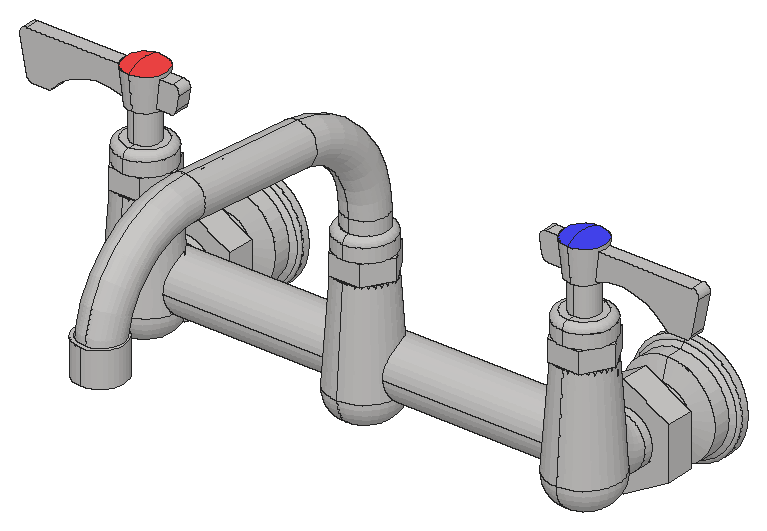
Revit family "Krowne_14-806L_WallMount_Faucet", category Plumbing Fixtures, Revit 2018
Family settings
  Round Connector Dimension = Use Diameter
  Part Type = Normal
  OmniClass Number = 23.40.40.00
  OmniClass Title = Food Service Equipment and Furnishings
  Work Plane-Based = No
  Always vertical = Yes
  Cut with Voids When Loaded = No
  Shared = No
  Room Calculation Point = No
Parameters (values of type "DefaultType")
  Width = 12"
  Weight in Pounds = 5
  Watermarked By = ""
  Waste Water Discharge Temperature [instance] = -459.67 °F
  URL Cutsheet = ""
  URL = "https://krowne.com/"
  Status [instance] = ""
  Specification by User [instance] = ""
  Specification by Manufacturer [instance] = ""
  Serial Number [instance] = ""
  Revision Code [instance] = ""
  Plumbing Remarks [instance] = ""
  Plumbing Connection Type = ""
  NAFEM Spec ID Number [instance] = ""
  Model = "14-806L"
  Masterspec [instance] = ""
  Manufacturer = "Krowne Metal"
  KCLRef = "KCL2C9,,0004c577-0000-0000-0000-000000000307,KR,14-806L ,637099800800000000,571d892f-8832-4ffb-b5a8-7fa4e1791547,5f9e4b87-af43-4152-9f98-723389c75a14"
  KCL SpecSheet URL = "http://kclweb.kclcad.com/imagehandler.ashx?kdoc=14-8xx&R=KR&M=14-806L%20&VC=7&TID=KCLWeb&T=doc"
  Item Number [instance] = "-"
  Installed By [instance] = ""
  Hot Water Temperature = 100 °F
  Hot Water Size = 1/2"
  Hot Water RI Height [instance] = 0"
  Hot Water Minimum Pressure = 0.00 psi
  Hot Water Maximum Pressure = 0.00 psi
  Hot Water Flow = 1.8 GPM
  Hot Water Consumption = 0 GPM
  Hot Water Connection Height = 0"
  Height = 3 15/16"
  Furnished By [instance] = ""
  Foodservice Equipment Identifier = yes
  Description = "Wall Mount Faucet"
  Depth = 1 7/8"
  Cold Water Temperature Recommended = -459.67 °F
  Cold Water Size = 1/2"
  Cold Water RI Height [instance] = 0"
  Cold Water Minimum Pressure = 0.00 psi
  Cold Water Maximum Pressure = 0.00 psi
  Cold Water Flow = 1.8 GPM
  Cold Water Consumption = ""
  Cold Water Connection Height = 0"
  CSI MasterFormat = ""
  Assembly Code = "E1090300"
Reference planes
  plane 1 "BACK": y = 0
  plane 2: z = 0
  plane 3 "LEFT": x = -471.569
  plane 4 "RIGHT": x = -166.769
  plane 5 "TOP": z = 100.013
  plane 6 "CENTER L/R": x = -319.169
  plane 7 "Top of Body": z = 44.45
  plane 8: y = -62.38
  plane 9: z = 166.688
  plane 10: z = 104.775
  plane 11: y = -215.9
Forms (mm)
  Sweep 1, solid, material "QF_Stainless-Polished"
    path origin (-319.169, 0, 0) x (0, 1, 0) y (0, 0, 1)
      loop
        line (-62.38, 44.45) -> (-62.38, 106.103)
        arc (-62.38, 106.103) -> (-73.898, 135.957) -> (-102.483, 150.339) r 44.45
        line (-102.483, 150.339) -> (-167.103, 156.689)
        arc (-167.103, 156.689) -> (-201.304, 145.384) -> (-215.9, 112.453) r 44.45
        line (-215.9, 112.453) -> (-215.9, 104.775)
    profile origin (-319.169, -62.38, 75.276) x (0, -1, 0) y (1, 0, 0)
      loop
        circle (0, 0) r 9.525
      loop
        circle (0, 0) r 6.35
  Extrusion 2, solid, material "QF_Stainless-Polished"
    sketch origin (-319.169, -215.9, 104.775) x (0, -1, 0) y (-1, 0, 0)
      loop
        circle (0, 0) r 9.525
      loop
        circle (0, 0) r 11.113
    from 0 to -15.875
Lines and regions (mm)
  symbolic lines
    curve 1: arc (-319.169, -71.905, 0) -> (-328.694, -62.38, 0) -> (-319.169, -52.855, 0) r 9.525
    curve 2: arc (-319.169, -52.855, 0) -> (-309.644, -62.38, 0) -> (-319.169, -71.905, 0) r 9.525
    curve 3: arc (-328.694, -215.9, 0) -> (-325.905, -222.635, 0) -> (-319.169, -225.425, 0) r 9.525
    curve 4: arc (-319.169, -225.425, 0) -> (-312.434, -222.635, 0) -> (-309.644, -215.9, 0) r 9.525
    curve 5: line (-328.694, -215.9, 0) -> (-328.694, -62.38, 0)
    curve 6: line (-309.644, -62.38, 0) -> (-309.644, -215.9, 0)
Dimensions and locks
  "Width": plane 3 "LEFT" to plane 4 "RIGHT"
  "Height": plane 5 "TOP" to plane 2
  plane 7 "Top of Body" to level = 1 3/4"
  equal spacing: plane 3 "LEFT", plane 6 "CENTER L/R", plane 4 "RIGHT"
  plane 11 to plane 1 "BACK" = 8 1/2"
  plane 10 to plane 5 "TOP" = 3/16"
  plane 9 to plane 5 "TOP" = 2 5/8"
  aligned and locked: level to plane 2
  aligned and locked: plane 8 to Sweep 1 sketch curve
  aligned and locked: Sweep 1 sketch curve to plane 11
  aligned and locked: plane 10 to Sweep 1 sketch curve
Automatic sketch dimensions
  curve 3 to curve 4 = 0"
  plane 11 to curve 5 = 0"
  plane 8 to curve 5 = 0"
  curve 1 to plane 6 "CENTER L/R" = 0"
  plane 8 to curve 6 = 0"
  plane 8 to curve 1 = 0"
  curve 5 to curve 3 = 3/8"
  Sweep 1 sketch curve to Sweep 1 sketch curve = 0"  (x2)
  Sweep 1 sketch curve to plane 6 "CENTER L/R" = 0"
  Sweep 1 sketch curve to profile plane = 0"
  Sweep 1 sketch curve to plane 7 "Top of Body" = 0"
  plane 10 to Sweep 1 sketch curve = 0.30226"
  plane 10 to Sweep 1 sketch curve = 0.05226"
  Sweep 1 sketch curve to Sweep 1 sketch curve = 1 3/4"
  Sweep 1 sketch curve to plane 9 = 0.64362"
  Sweep 1 sketch curve to plane 9 = 0.39362"
  Sweep 1 sketch curve to Sweep 1 sketch curve = 0.17114"
  radius of Extrusion 2 sketch curve to Sweep 1 = 0"
  radius of Sweep 1 to Extrusion 2 sketch curve = 1/16"
  radius of Sweep 1 sketch curve = 3/8"
  radius of Sweep 1 sketch curve = 1/4"
Nested families
  nested 1: "QF_Krowne_14-8_Body" at (-4.763, 0, 0), type "QF_Krowne_14-8_Body"
Connectors
  piping at (-420.769, 6.35, 37.306), diameter 12.7, driven by "Hot Water Flow", driven by "Hot Water Size"
    settings: on nested 1, index 1, connector inside diameter 24", connector length 0", flow factor 0, pipe flow 1.8 GPM, pressure drop 0.00 psi, fitting loss kfactor 0, connector angle 0.00°, fixture units 0, engagement length 0", angle of deflection 0.00°, flow configuration 1, flow direction 1, fitting loss method 0, system type 19, joint type 0, gender type 0, connector reference index -1, connector utility 0, adjustable connector no, is connector primary yes, connector description "HOT WATER"
  piping at (-217.569, 6.35, 37.306), diameter 12.7, driven by "Cold Water Flow", driven by "Cold Water Size"
    settings: on nested 1, index 2, connector inside diameter 24", connector length 0", flow factor 0, pipe flow 1.8 GPM, pressure drop 0.00 psi, fitting loss kfactor 0, connector angle 0.00°, fixture units 0, engagement length 0", angle of deflection 0.00°, flow configuration 1, flow direction 1, fitting loss method 0, system type 20, joint type 0, gender type 0, connector reference index -1, connector utility 0, adjustable connector no, is connector primary no, connector description "COLD WATER"
Definition of nested family "QF_Krowne_14-8_Body"
  Parameters (values of type "QF_Krowne_14-8_Body")
    Width = 12 3/8"
    Watermarked By = ""
    Height = 3 7/8"
    Description = ""
    Depth = 4 15/16"
  Reference planes
    plane 1 "BACK": y = 0
    plane 2: z = 0
    plane 3 "LEFT": x = -471.569
    plane 4 "RIGHT": x = -157.244
    plane 5 "TOP": z = 128.588
    plane 6 "Center": x = -314.407
    plane 7 "Left of Handle": x = -416.007
    plane 8 "Right of Handle": x = -212.807
    plane 9 "Center of Handles": y = -125.412
    plane 10 "Top of Body": z = 74.612
    plane 11: x = -444.582
    plane 12: x = -184.232
    plane 13 "Faucet Handle Center": y = -62.706
    plane 14: y = -59.531
    plane 15: y = -65.881
    plane 16: z = 37.306
  Forms (mm)
    Extrusion 1, solid
      sketch origin (0, 0, 80.962) x (0, 1, 0) y (-1, 0, 0)
        loop
          line (-62.38, 401.719) -> (-50.006, 408.863) -> (-50.006, 423.151) -> (-62.38, 430.294) -> (-74.753, 423.151) -> (-74.753, 408.863) -> (-62.38, 401.719)
        loop
          line (-62.38, 198.519) -> (-50.006, 205.663) -> (-50.006, 219.951) -> (-62.38, 227.094) -> (-74.753, 219.951) -> (-74.753, 205.663) -> (-62.38, 198.519)
        loop
          line (-62.38, 300.119) -> (-50.006, 307.263) -> (-50.006, 321.551) -> (-62.38, 328.694) -> (-74.753, 321.551) -> (-74.753, 307.263) -> (-62.38, 300.119)
      from 0 to 9.525
    Revolve 2, solid
      sketch origin (-416.007, 0, 0) x (0, 1, 0) y (0, 0, 1)
        loop
          line (-62.706, 90.488) -> (-50.006, 90.488) -> (-50.006, 96.838)
          arc (-50.006, 96.838) -> (-50.936, 99.083) -> (-53.181, 100.013) r 3.175
          line (-53.181, 100.013) -> (-62.706, 100.013) -> (-62.706, 90.488)
        axis (-62.706, 90.488) -> (-62.706, 100.013)
      angle from 0 to 360
    Revolve 3, solid
      sketch origin (-212.807, 0, 0) x (0, 1, 0) y (0, 0, 1)
        loop
          line (-62.706, 100.012) -> (-56.356, 100.012) -> (-56.356, 114.3) -> (-62.706, 114.3) -> (-62.706, 100.012)
        axis (-62.706, 100.012) -> (-62.706, 114.3)
      angle from 0 to 360
    Revolve 4, solid
      sketch origin (-416.007, 0, 0) x (0, 1, 0) y (0, 0, 1)
        loop
          line (-62.706, 100.013) -> (-56.356, 100.013) -> (-56.356, 114.3) -> (-62.706, 114.3) -> (-62.706, 100.013)
        axis (-62.706, 100.013) -> (-62.706, 114.3)
      angle from 0 to 360
    Revolve 5, solid
      sketch origin (-416.007, 0, 0) x (0, 1, 0) y (0, 0, 1)
        loop
          line (-62.706, 114.3) -> (-54.769, 114.3) -> (-53.181, 130.175) -> (-62.706, 130.175) -> (-62.706, 114.3)
        axis (-62.706, 114.3) -> (-62.706, 130.175)
      angle from 0 to 360
    Revolve 6, solid
      sketch origin (-212.807, 0, 0) x (0, 1, 0) y (0, 0, 1)
        loop
          line (-62.706, 114.3) -> (-54.769, 114.3) -> (-53.181, 130.175) -> (-62.706, 130.175) -> (-62.706, 114.3)
        axis (-62.706, 114.3) -> (-62.706, 130.175)
      angle from 0 to 360
    Revolve 7, solid
      sketch origin (-416.007, 0, 0) x (0, 1, 0) y (0, 0, 1)
        loop
          line (-62.706, 130.175) -> (-53.181, 130.175)
          arc (-53.181, 130.175) -> (-57.646, 132.655) -> (-62.706, 133.35) r 13.869
          line (-62.706, 133.35) -> (-62.706, 130.175)
        axis (-62.706, 130.175) -> (-62.706, 133.35)
      angle from 0 to 360
    Revolve 8, solid
      sketch origin (-212.807, 0, 0) x (0, 1, 0) y (0, 0, 1)
        loop
          line (-62.706, 130.175) -> (-53.181, 130.175)
          arc (-53.181, 130.175) -> (-57.646, 132.655) -> (-62.706, 133.35) r 13.869
          line (-62.706, 133.35) -> (-62.706, 130.175)
        axis (-62.706, 130.175) -> (-62.706, 133.35)
      angle from 0 to 360
    Extrusion 9, solid
      sketch origin (0, -62.706, 0) x (1, 0, 0) y (0, 0, 1)
        loop
          arc (-468.332, 128.588) -> (-470.787, 127.425) -> (-471.445, 124.79) r 3.175
          line (-471.445, 124.79) -> (-468.27, 108.916)
          arc (-468.27, 108.916) -> (-467.17, 107.083) -> (-465.157, 106.364) r 3.175
          line (-465.157, 106.364) -> (-458.81, 106.364)
          arc (-458.81, 106.364) -> (-457.469, 106.66) -> (-456.379, 107.496) r 3.175
          arc (-456.379, 107.496) -> (-441.832, 116.771) -> (-424.594, 116.065) r 28.792
          arc (-424.594, 116.065) -> (-424.065, 115.925) -> (-423.52, 115.878) r 3.175
          line (-423.52, 115.878) -> (-402.102, 115.878)
          arc (-402.102, 115.878) -> (-400.089, 116.597) -> (-398.988, 118.43) r 3.175
          line (-398.988, 118.43) -> (-397.716, 124.79)
          arc (-397.716, 124.79) -> (-398.374, 127.425) -> (-400.83, 128.588) r 3.175
          line (-400.83, 128.588) -> (-468.332, 128.588)
        loop
          line (-160.482, 128.588) -> (-227.984, 128.588)
          arc (-227.984, 128.588) -> (-230.439, 127.425) -> (-231.097, 124.79) r 3.175
          line (-231.097, 124.79) -> (-229.826, 118.43)
          arc (-229.826, 118.43) -> (-228.725, 116.597) -> (-226.712, 115.878) r 3.175
          line (-226.712, 115.878) -> (-205.294, 115.878)
          arc (-205.294, 115.878) -> (-204.749, 115.925) -> (-204.22, 116.065) r 3.175
          arc (-204.22, 116.065) -> (-186.982, 116.771) -> (-172.435, 107.496) r 28.792
          arc (-172.435, 107.496) -> (-171.345, 106.66) -> (-170.004, 106.364) r 3.175
          line (-170.004, 106.364) -> (-163.657, 106.364)
          arc (-163.657, 106.364) -> (-161.644, 107.083) -> (-160.544, 108.916) r 3.175
          line (-160.544, 108.916) -> (-157.369, 124.79)
          arc (-157.369, 124.79) -> (-158.027, 127.425) -> (-160.482, 128.588) r 3.175
      from -3.175 to 3.175
    Extrusion 10, solid
      sketch origin (0, 0, 0) x (1, 0, 0) y (0, 0, 1)
        loop
          circle (-416.007, 37.306) r 6.35
        loop
          circle (-212.807, 37.306) r 6.35
      from 0 to -6.35
    Revolve 11, solid
      sketch origin (-212.807, 0, 0) x (0, 1, 0) y (0, 0, 1)
        loop
          line (-62.706, 90.488) -> (-50.006, 90.488) -> (-50.006, 96.838)
          arc (-50.006, 96.838) -> (-50.936, 99.083) -> (-53.181, 100.013) r 3.175
          line (-53.181, 100.013) -> (-62.706, 100.013) -> (-62.706, 90.488)
        axis (-62.706, 90.488) -> (-62.706, 100.013)
      angle from 0 to 360
    Revolve 12, solid
      sketch origin (-416.007, 0, 0) x (0, 1, 0) y (0, 0, 1)
        loop
          line (0, 37.306) -> (0, 62.706) -> (-3.175, 62.706)
          arc (-3.175, 62.706) -> (-4.298, 62.241) -> (-4.762, 61.119) r 1.588
          line (-4.762, 61.119) -> (-6.75, 59.131) -> (-14.287, 59.131) -> (-17.462, 50.006) -> (-26.987, 50.006) -> (-26.988, 37.306) -> (0, 37.306)
        axis (0, 37.306) -> (-26.988, 37.306)
      angle from 0 to 360
    Revolve 13, solid
      sketch origin (-212.807, 0, 0) x (0, 1, 0) y (0, 0, 1)
        loop
          line (0, 37.306) -> (0, 62.706) -> (-3.175, 62.706)
          arc (-3.175, 62.706) -> (-4.298, 62.241) -> (-4.762, 61.119) r 1.588
          line (-4.762, 61.119) -> (-6.75, 59.131) -> (-14.287, 59.131) -> (-17.462, 50.006) -> (-26.987, 50.006) -> (-26.988, 37.306) -> (0, 37.306)
        axis (0, 37.306) -> (-26.988, 37.306)
      angle from 0 to 360
    Extrusion 14, solid
      sketch origin (-416.007, -26.988, 37.306) x (0, 0, 1) y (-1, 0, 0)
        loop
          line (11.915, -20.638) -> (23.83, 0) -> (11.915, 20.637) -> (-11.915, 20.637) -> (-23.83, 0) -> (-11.915, -20.637) -> (11.915, -20.638)
        loop
          line (11.915, -223.837) -> (23.83, -203.2) -> (11.915, -182.562) -> (-11.915, -182.562) -> (-23.83, -203.2) -> (-11.915, -223.837) -> (11.915, -223.837)
      from 0 to 12.7
    Sweep 15, solid
      path origin (-416.007, 0, 0) x (0, 1, 0) y (0, 0, 1)
        loop
          line (-26.988, 37.306) -> (-43.656, 37.306)
          arc (-43.656, 37.306) -> (-57.127, 42.886) -> (-62.706, 56.356) r 19.05
          line (-62.706, 56.356) -> (-62.706, 80.962)
      profile origin (-416.007, -35.322, 37.306) x (0, 0, -1) y (1, 0, 0)
        loop
          circle (0, 0) r 12.7
    Sweep 16, solid
      path origin (-212.807, 0, 0) x (0, 1, 0) y (0, 0, 1)
        loop
          line (-26.988, 37.306) -> (-43.656, 37.306)
          arc (-43.656, 37.306) -> (-57.127, 42.886) -> (-62.706, 56.356) r 19.05
          line (-62.706, 56.356) -> (-62.706, 80.962)
      profile origin (-212.807, -35.322, 37.306) x (0, 0, -1) y (1, 0, 0)
        loop
          circle (0, 0) r 12.7
    Extrusion 17, solid
      sketch origin (-416.007, 0, 0) x (0, 1, 0) y (0, 0, 1)
        loop
          circle (-57.127, 42.886) r 12.7
      from 0 to 203.2
    Sweep 18, solid
      path origin (-314.407, 0, 0) x (0, 1, 0) y (0, 0, 1)
        loop
          arc (-56.044, 41.884) -> (-60.961, 48.39) -> (-62.706, 56.356) r 19.05
          line (-62.706, 56.356) -> (-62.706, 80.962)
      profile origin (-314.407, -62.706, 68.659) x (0, -1, 0) y (1, 0, 0)
        loop
          circle (0, 0) r 12.7
    Revolve 19, solid
      sketch origin (-314.407, 0, 0) x (0, 1, 0) y (0, 0, 1)
        loop
          line (-62.706, 90.488) -> (-50.006, 90.488) -> (-50.006, 96.838)
          arc (-50.006, 96.838) -> (-50.936, 99.083) -> (-53.181, 100.013) r 3.175
          line (-53.181, 100.013) -> (-62.706, 100.013) -> (-62.706, 90.488)
        axis (-62.706, 90.488) -> (-62.706, 100.013)
      angle from 0 to 360
    Revolve 20, solid
      sketch origin (-416.007, 0, 0) x (0, 1, 0) y (0, 0, 1)
        loop
          line (-50.006, 80.962) -> (-62.706, 80.962) -> (-62.706, 20.044) -> (-59.365, 20.044)
          arc (-59.365, 20.044) -> (-50.077, 24.083) -> (-46.696, 33.63) r 12.7
          line (-46.696, 33.63) -> (-50.006, 80.962)
        axis (-62.706, 20.044) -> (-62.706, 80.962)
      angle from 0 to 360
    Revolve 21, solid
      sketch origin (-212.807, 0, 0) x (0, 1, 0) y (0, 0, 1)
        loop
          line (-50.006, 80.962) -> (-62.706, 80.962) -> (-62.706, 20.044) -> (-59.365, 20.044)
          arc (-59.365, 20.044) -> (-50.077, 24.083) -> (-46.696, 33.63) r 12.7
          line (-46.696, 33.63) -> (-50.006, 80.962)
        axis (-62.706, 20.044) -> (-62.706, 80.962)
      angle from 0 to 360
    Revolve 22, solid
      sketch origin (-314.407, 0, 0) x (0, 1, 0) y (0, 0, 1)
        loop
          line (-50.006, 80.962) -> (-62.706, 80.962) -> (-62.706, 20.044) -> (-59.365, 20.044)
          arc (-59.365, 20.044) -> (-50.077, 24.083) -> (-46.696, 33.63) r 12.7
          line (-46.696, 33.63) -> (-50.006, 80.962)
        axis (-62.706, 20.044) -> (-62.706, 80.962)
      angle from 0 to 360
  Lines and regions (mm)
    symbolic lines
      curve 1: line (-471.445, -59.531, 74.612) -> (-397.655, -59.531, 74.612)
      curve 2: line (-471.445, -65.881, 74.612) -> (-471.445, -59.531, 74.612)
      curve 3: line (-397.655, -65.881, 74.612) -> (-471.445, -65.881, 74.612)
      curve 4: line (-397.655, -59.531, 74.612) -> (-397.655, -65.881, 74.612)
      curve 5: line (-157.244, -59.531, 74.612) -> (-231.159, -59.531, 74.612)
      curve 6: line (-157.244, -65.881, 74.612) -> (-157.244, -59.531, 74.612)
      curve 7: line (-231.159, -65.881, 74.612) -> (-157.244, -65.881, 74.612)
      curve 8: line (-231.159, -59.531, 74.612) -> (-231.159, -65.881, 74.612)
      curve 9: line (-423.151, -50.333, 74.612) -> (-428.461, -59.531, 74.612)
      curve 10: line (-423.151, -50.333, 74.612) -> (-408.863, -50.333, 74.612)
      curve 11: line (-408.863, -50.333, 74.612) -> (-403.553, -59.531, 74.612)
      curve 12: line (-408.863, -75.08, 74.612) -> (-423.151, -75.08, 74.612)
      curve 13: line (-423.151, -75.08, 74.612) -> (-428.461, -65.881, 74.612)
      curve 14: line (-408.863, -75.08, 74.612) -> (-403.553, -65.881, 74.612)
      curve 15: line (-219.951, -50.333, 74.612) -> (-205.663, -50.333, 74.612)
      curve 16: line (-205.663, -50.333, 74.612) -> (-200.353, -59.531, 74.612)
      curve 17: line (-219.951, -50.333, 74.612) -> (-225.261, -59.531, 74.612)
      curve 18: line (-205.663, -75.08, 74.612) -> (-219.951, -75.08, 74.612)
      curve 19: line (-219.951, -75.08, 74.612) -> (-225.261, -65.881, 74.612)
      curve 20: line (-205.663, -75.08, 74.612) -> (-200.353, -65.881, 74.612)
      curve 21: line (-328.694, -62.38, 74.612) -> (-321.551, -74.753, 74.612)
      curve 22: line (-321.551, -74.753, 74.612) -> (-307.263, -74.753, 74.612)
      curve 23: line (-307.263, -74.753, 74.612) -> (-300.119, -62.38, 74.612)
      curve 24: line (-300.119, -62.38, 74.612) -> (-307.263, -50.006, 74.612)
      curve 25: line (-307.263, -50.006, 74.612) -> (-321.551, -50.006, 74.612)
      curve 26: line (-321.551, -50.006, 74.612) -> (-328.694, -62.38, 74.612)
      curve 27: line (-441.407, 0, 74.612) -> (-390.607, 0, 74.612)
      curve 28: line (-441.407, 0, 74.612) -> (-441.407, -3.175, 74.612)
      curve 29: line (-437.831, -6.75, 74.612) -> (-439.819, -4.763, 74.612)
      curve 30: arc (-439.819, -4.763, 74.612) -> (-440.942, -4.298, 74.612) -> (-441.407, -3.175, 74.612) r 1.588
      curve 31: line (-437.831, -6.75, 74.612) -> (-437.831, -14.288, 74.612)
      curve 32: line (-437.831, -14.288, 74.612) -> (-428.707, -17.463, 74.612)
      curve 33: line (-428.707, -17.463, 74.612) -> (-428.707, -26.987, 74.612)
      curve 34: line (-428.707, -26.987, 74.612) -> (-436.644, -26.987, 74.612)
      curve 35: line (-436.644, -26.987, 74.612) -> (-436.644, -39.688, 74.612)
      curve 36: line (-436.644, -39.688, 74.612) -> (-428.719, -39.687, 74.612)
      curve 37: line (-428.719, -39.687, 74.612) -> (-428.719, -59.531, 74.612)
      curve 38: line (-390.607, 0, 74.612) -> (-390.607, -3.175, 74.612)
      curve 39: line (-394.182, -6.75, 74.612) -> (-392.194, -4.763, 74.612)
      curve 40: arc (-392.194, -4.763, 74.612) -> (-391.072, -4.298, 74.612) -> (-390.607, -3.175, 74.612) r 1.588
      curve 41: line (-394.182, -6.75, 74.612) -> (-394.182, -14.288, 74.612)
      curve 42: line (-394.182, -14.288, 74.612) -> (-403.307, -17.463, 74.612)
      curve 43: line (-403.307, -17.463, 74.612) -> (-403.307, -26.987, 74.612)
      curve 44: line (-403.307, -26.987, 74.612) -> (-395.369, -26.987, 74.612)
      curve 45: line (-395.369, -26.987, 74.612) -> (-395.369, -39.688, 74.612)
      curve 46: line (-395.369, -39.688, 74.612) -> (-403.295, -39.687, 74.612)
      curve 47: line (-403.295, -39.687, 74.612) -> (-403.295, -59.531, 74.612)
      curve 48: line (-205.663, -50.333, 74.612) -> (-219.951, -50.333, 74.612)
      curve 49: line (-187.407, 0, 74.612) -> (-238.207, 0, 74.612)
      curve 50: line (-187.407, 0, 74.612) -> (-187.407, -3.175, 74.612)
      curve 51: line (-190.982, -6.75, 74.612) -> (-188.994, -4.763, 74.612)
      curve 52: arc (-188.994, -4.763, 74.612) -> (-187.872, -4.298, 74.612) -> (-187.407, -3.175, 74.612) r 1.588
      curve 53: line (-190.982, -6.75, 74.612) -> (-190.982, -14.288, 74.612)
      curve 54: line (-190.982, -14.288, 74.612) -> (-200.107, -17.463, 74.612)
      curve 55: line (-200.107, -17.463, 74.612) -> (-200.107, -26.987, 74.612)
      curve 56: line (-200.107, -26.987, 74.612) -> (-192.169, -26.987, 74.612)
      curve 57: line (-192.169, -26.987, 74.612) -> (-192.169, -39.688, 74.612)
      curve 58: line (-192.169, -39.688, 74.612) -> (-200.095, -39.687, 74.612)
      curve 59: line (-200.095, -39.687, 74.612) -> (-200.095, -59.531, 74.612)
      curve 60: line (-238.207, 0, 74.612) -> (-238.207, -3.175, 74.612)
      curve 61: line (-234.631, -6.75, 74.612) -> (-236.619, -4.763, 74.612)
      curve 62: arc (-236.619, -4.763, 74.612) -> (-237.742, -4.298, 74.612) -> (-238.207, -3.175, 74.612) r 1.588
      curve 63: line (-234.631, -6.75, 74.612) -> (-234.631, -14.288, 74.612)
      curve 64: line (-234.631, -14.288, 74.612) -> (-225.507, -17.463, 74.612)
      curve 65: line (-225.507, -17.463, 74.612) -> (-225.507, -26.987, 74.612)
      curve 66: line (-225.507, -26.987, 74.612) -> (-233.444, -26.987, 74.612)
      curve 67: line (-233.444, -26.987, 74.612) -> (-233.444, -39.688, 74.612)
      curve 68: line (-233.444, -39.688, 74.612) -> (-225.519, -39.687, 74.612)
      curve 69: line (-225.519, -39.687, 74.612) -> (-225.519, -59.531, 74.612)
      curve 70: line (-403.295, -44.504, 74.612) -> (-225.519, -44.504, 74.612)
      curve 71: line (-405.528, -69.303, 74.612) -> (-324.697, -69.303, 74.612)
      curve 72: line (-303.555, -69.303, 74.612) -> (-223.286, -69.303, 74.612)
  Dimensions and locks
    "Width": plane 3 "LEFT" to plane 4 "RIGHT"
    equal spacing: plane 3 "LEFT", plane 6 "Center", plane 4 "RIGHT"
    "Depth": plane 9 "Center of Handles" to plane 1 "BACK"
    plane 10 "Top of Body" to level = 2 15/16"
    equal spacing: plane 10 "Top of Body", plane 16, level
    locked: plane 3 "LEFT" to plane 11 at 26.988
    locked: plane 12 to plane 4 "RIGHT" at 26.988
    locked: plane 8 "Right of Handle" to plane 12 at 28.575
    locked: plane 11 to plane 7 "Left of Handle" at 28.575
    locked: plane 5 "TOP" to plane 10 "Top of Body" at 53.975
    equal spacing: plane 15, plane 13 "Faucet Handle Center", plane 14, locked at 3.175 each
    plane 15 to plane 14 = 1/4"
    equal spacing: plane 9 "Center of Handles", plane 13 "Faucet Handle Center", plane 1 "BACK"
    aligned and locked: level to plane 2
    aligned and locked: Revolve 5 sketch curve to Revolve 5 sketch curve
    aligned and locked: Revolve 6 sketch curve to Revolve 6 sketch curve
    aligned and locked: Extrusion 9 sketch curve to plane 5 "TOP"
    aligned and locked: plane 5 "TOP" to Extrusion 9 sketch curve
    aligned and locked: Extrusion 9 to plane 14
    aligned and locked: curve 1 to Extrusion 9
    aligned and locked: curve 2 to Extrusion 9
    aligned and locked: curve 3 to Extrusion 9
    aligned and locked: curve 5 to Extrusion 9
    aligned and locked: Extrusion 9 to curve 7
    aligned and locked: plane 4 "RIGHT" to curve 6
    aligned and locked: Revolve 11 sketch curve to plane 13 "Faucet Handle Center"
    aligned and locked: plane 8 "Right of Handle" to Extrusion 17
    aligned and locked: plane 13 "Faucet Handle Center" to Revolve 20 sketch curve
  Automatic sketch dimensions
    Revolve 2 sketch curve to plane 13 "Faucet Handle Center" = 0"  (x2)
    Revolve 2 sketch curve to Revolve 2 sketch curve = 3/8"
    Revolve 2 sketch curve to Revolve 2 sketch curve = 1/8"
    plane 10 "Top of Body" to Revolve 2 sketch curve = 5/8"
    Revolve 2 sketch curve to Revolve 2 sketch curve = 1/4"
    Revolve 2 sketch curve to Revolve 2 sketch curve = 0"  (x2)
    Revolve 3 sketch curve to plane 13 "Faucet Handle Center" = 0"  (x2)
    Revolve 3 sketch curve to plane 13 "Faucet Handle Center" = 1/4"
    plane 10 "Top of Body" to Revolve 3 sketch curve = 1"
    Revolve 3 sketch curve to Revolve 3 sketch curve = 9/16"
    Revolve 3 sketch curve to Revolve 3 sketch curve = 3/8"
    Revolve 3 sketch curve to Revolve 3 sketch curve = 0"
    Revolve 4 sketch curve to plane 13 "Faucet Handle Center" = 0"  (x2)
    Revolve 4 sketch curve to Revolve 4 sketch curve = 1/4"
    plane 10 "Top of Body" to Revolve 4 sketch curve = 1"
    Revolve 4 sketch curve to Revolve 4 sketch curve = 9/16"
    Revolve 4 sketch curve to Revolve 4 sketch curve = 3/8"
    Revolve 4 sketch curve to Revolve 4 sketch curve = 0"
    Revolve 5 sketch curve to plane 13 "Faucet Handle Center" = 0"
    Revolve 5 sketch curve to Revolve 5 sketch curve = 5/16"
    plane 5 "TOP" to Revolve 5 sketch curve = 1/16"
    Revolve 5 sketch curve to Revolve 5 sketch curve = 3/8"
    Revolve 5 sketch curve to plane 5 "TOP" = 9/16"
    Revolve 5 sketch curve to Revolve 5 sketch curve = 0"  (x2)
    Revolve 6 sketch curve to plane 13 "Faucet Handle Center" = 0"
    Revolve 6 sketch curve to plane 13 "Faucet Handle Center" = 5/16"
    plane 5 "TOP" to Revolve 6 sketch curve = 1/16"
    Revolve 6 sketch curve to plane 13 "Faucet Handle Center" = 3/8"
    Revolve 6 sketch curve to plane 5 "TOP" = 9/16"
    Revolve 6 sketch curve to Revolve 6 sketch curve = 0"  (x2)
    Revolve 7 sketch curve to plane 13 "Faucet Handle Center" = 0"  (x2)
    Revolve 7 sketch curve to plane 13 "Faucet Handle Center" = 0.02655"
    plane 5 "TOP" to Revolve 7 sketch curve = 1/16"
    Revolve 7 sketch curve to Revolve 7 sketch curve = 3/8"
    Revolve 7 sketch curve to plane 5 "TOP" = 0.35786"
    Revolve 7 sketch curve to Revolve 7 sketch curve = 0"  (x2)
    Revolve 8 sketch curve to plane 13 "Faucet Handle Center" = 0"  (x2)
    Revolve 8 sketch curve to plane 13 "Faucet Handle Center" = 0.02655"
    plane 5 "TOP" to Revolve 8 sketch curve = 1/16"
    Revolve 8 sketch curve to Revolve 8 sketch curve = 3/8"
    Revolve 8 sketch curve to plane 5 "TOP" = 0.35786"
    Revolve 8 sketch curve to Revolve 8 sketch curve = 0"  (x2)
    Revolve 12 sketch curve to plane 9 "Center of Handles" = 0"
    Revolve 12 sketch curve to plane 16 = 0"  (x2)
    Revolve 12 sketch curve to plane 1 "BACK" = 0"  (x2)
    plane 16 to Revolve 12 sketch curve = 1/2"
    plane 1 "BACK" to Revolve 12 sketch curve = 1 1/16"
    Revolve 12 sketch curve to Revolve 12 sketch curve = 3/8"
    Revolve 12 sketch curve to Revolve 12 sketch curve = 1/8"
    plane 1 "BACK" to Revolve 12 sketch curve = 0.26577"
    Revolve 12 sketch curve to Revolve 12 sketch curve = 0.07827"  (x2)
    Revolve 12 sketch curve to Revolve 12 sketch curve = 1/16"
    Revolve 12 sketch curve to Revolve 12 sketch curve = 0.35923"
    Revolve 13 sketch curve to plane 9 "Center of Handles" = 0"
    Revolve 13 sketch curve to plane 16 = 0"  (x2)
    Revolve 13 sketch curve to plane 1 "BACK" = 0"  (x2)
    Revolve 13 sketch curve to Revolve 13 sketch curve = 1 1/16"
    Revolve 13 sketch curve to Revolve 13 sketch curve = 3/8"
    Revolve 13 sketch curve to Revolve 13 sketch curve = 1/8"
    plane 1 "BACK" to Revolve 13 sketch curve = 0.26577"
    Revolve 13 sketch curve to Revolve 13 sketch curve = 0.07827"  (x2)
    Revolve 13 sketch curve to Revolve 13 sketch curve = 1/16"
    plane 16 to Revolve 13 sketch curve = 1/2"
    Revolve 13 sketch curve to Revolve 13 sketch curve = 0.35923"
    Revolve 12 to Extrusion 14 sketch curve = 0"
    Extrusion 14 sketch curve to Revolve 12 = 0"
    Revolve 12 to Extrusion 14 sketch curve = 8"  (x2)
    Extrusion 14 sketch curve to Extrusion 14 sketch curve = 0"
    Extrusion 14 sketch curve to Extrusion 14 sketch curve = 0.4691"  (x6)
    Extrusion 14 sketch curve to Extrusion 14 sketch curve = 0.93819"  (x4)
    Revolve 12 to Extrusion 14 sketch curve = 7 3/16"
    Revolve 12 to Extrusion 14 sketch curve = 8 13/16"
    Revolve 12 to Extrusion 14 sketch curve = 13/16"
    Extrusion 14 sketch curve to Revolve 12 = 13/16"
    plane 15 to Extrusion 1 sketch curve = 0.34928"  (x3)
    Extrusion 1 sketch curve to plane 13 "Faucet Handle Center" = 0.01286"  (x6)
    Extrusion 1 sketch curve to plane 14 = 3/8"  (x3)
    plane 8 "Right of Handle" to Extrusion 1 sketch curve = 9/16"
    plane 8 "Right of Handle" to Extrusion 1 sketch curve = 9/32"  (x2)
    Extrusion 1 sketch curve to plane 8 "Right of Handle" = 9/32"  (x2)
    Extrusion 1 sketch curve to plane 8 "Right of Handle" = 9/16"
    plane 6 "Center" to Extrusion 1 sketch curve = 9/16"
    plane 6 "Center" to Extrusion 1 sketch curve = 9/32"  (x2)
    Extrusion 1 sketch curve to plane 6 "Center" = 9/32"  (x2)
    Extrusion 1 sketch curve to Extrusion 1 sketch curve = 9/32"  (x2)
    plane 7 "Left of Handle" to Extrusion 1 sketch curve = 9/16"
    plane 7 "Left of Handle" to Extrusion 1 sketch curve = 9/32"  (x2)
    Extrusion 1 sketch curve to plane 7 "Left of Handle" = 9/32"  (x2)
    plane 3 "LEFT" to Extrusion 9 sketch curve = 0.0049"
    Extrusion 9 sketch curve to Extrusion 9 sketch curve = 0.12257"  (x5)
    plane 3 "LEFT" to Extrusion 9 sketch curve = 0.12989"
    Extrusion 9 sketch curve to Extrusion 9 sketch curve = 0.24989"  (x2)
    plane 11 to Extrusion 9 sketch curve = 0.40333"
    Extrusion 9 sketch curve to plane 7 "Left of Handle" = 0.29578"
    plane 7 "Left of Handle" to Extrusion 9 sketch curve = 0.54745"
    Extrusion 9 sketch curve to plane 5 "TOP" = 1/8"  (x2)
    Extrusion 9 sketch curve to Extrusion 9 sketch curve = 0.05007"  (x2)
    Extrusion 9 sketch curve to plane 5 "TOP" = 0.39989"
    Extrusion 9 sketch curve to plane 5 "TOP" = 0.14951"  (x4)
    Extrusion 9 sketch curve to plane 8 "Right of Handle" = 0.7201"
    plane 8 "Right of Handle" to Extrusion 9 sketch curve = 0.29578"
    Extrusion 9 sketch curve to plane 12 = 0.40333"
    Extrusion 9 sketch curve to plane 4 "RIGHT" = 0.50235"
    Extrusion 9 sketch curve to plane 4 "RIGHT" = 0.12748"
    Extrusion 9 sketch curve to plane 4 "RIGHT" = 0.0049"
    Extrusion 9 sketch curve to Extrusion 9 sketch curve = 0.25038"
    Extrusion 9 sketch curve to plane 5 "TOP" = 0.50038"
    Extrusion 9 sketch curve to Extrusion 9 sketch curve = 0.10049"
    Extrusion 9 sketch curve to plane 5 "TOP" = 0.74996"  (x2)
    Extrusion 9 sketch curve to Extrusion 9 sketch curve = 0"  (x4)
    Extrusion 9 sketch curve to Extrusion 9 sketch curve = 0.02451"  (x2)
    plane 10 "Top of Body" to Extrusion 9 sketch curve = 0.56533"  (x2)
    Extrusion 9 sketch curve to Extrusion 9 sketch curve = 1/8"  (x2)
    Extrusion 10 sketch curve to plane 7 "Left of Handle" = 0"
    Extrusion 10 sketch curve to plane 8 "Right of Handle" = 0"
    Extrusion 10 sketch curve to plane 16 = 0"  (x2)
    Revolve 11 sketch curve to plane 13 "Faucet Handle Center" = 0"
    Revolve 11 sketch curve to plane 14 = 1/4"
    Revolve 11 sketch curve to Revolve 11 sketch curve = 1/8"
    plane 10 "Top of Body" to Revolve 11 sketch curve = 5/8"
    Revolve 11 sketch curve to Revolve 11 sketch curve = 1/4"
    Revolve 11 sketch curve to Revolve 11 sketch curve = 0"  (x2)
    Sweep 15 sketch curve to plane 13 "Faucet Handle Center" = 0"
    Sweep 15 sketch curve to plane 16 = 0"
    Sweep 15 sketch curve to plane 14 = 5/8"
    Sweep 15 sketch curve to Sweep 15 sketch curve = 21/32"
    plane 10 "Top of Body" to Sweep 15 sketch curve = 1/4"
    Sweep 15 sketch curve to plane 7 "Left of Handle" = 0"
    Sweep 15 sketch curve to profile plane = 0"
    Sweep 16 sketch curve to plane 13 "Faucet Handle Center" = 0"
    Sweep 16 sketch curve to plane 16 = 0"
    Sweep 16 sketch curve to plane 14 = 5/8"
    Sweep 16 sketch curve to Sweep 16 sketch curve = 21/32"
    plane 10 "Top of Body" to Sweep 16 sketch curve = 1/4"
    Sweep 16 sketch curve to plane 8 "Right of Handle" = 0"
    Sweep 16 sketch curve to profile plane = 0"
    Extrusion 17 sketch curve to plane 14 = 0.09467"
    plane 16 to Extrusion 17 sketch curve = 0.21967"
    Sweep 18 sketch curve to plane 13 "Faucet Handle Center" = 0"
    Sweep 18 sketch curve to plane 14 = 5/8"
    Sweep 18 sketch curve to plane 10 "Top of Body" = 23/32"
    Sweep 18 sketch curve to plane 14 = 0.1373"
    plane 10 "Top of Body" to Sweep 18 sketch curve = 1/4"
    Sweep 18 sketch curve to plane 6 "Center" = 0"
    Sweep 18 sketch curve to profile plane = 0"
    Revolve 19 sketch curve to plane 13 "Faucet Handle Center" = 0"  (x2)
    Revolve 19 sketch curve to plane 14 = 1/4"
    Revolve 19 sketch curve to Revolve 19 sketch curve = 1/8"
    plane 10 "Top of Body" to Revolve 19 sketch curve = 5/8"
    Revolve 19 sketch curve to Revolve 19 sketch curve = 1/4"
    Revolve 19 sketch curve to Revolve 19 sketch curve = 0"  (x2)
    plane 1 "BACK" to curve 27 = 0"
    plane 1 "BACK" to curve 49 = 0"
    plane 15 to curve 21 = 0.34928"
    plane 15 to curve 12 = 0.36214"
    curve 23 to plane 13 "Faucet Handle Center" = 0.01286"
    curve 21 to plane 13 "Faucet Handle Center" = 0.01286"
    curve 9 to plane 14 = 0.36214"
    curve 17 to plane 14 = 0.36214"
    curve 25 to plane 14 = 3/8"
    curve 15 to curve 67 = 0.41911"
    curve 10 to curve 47 = 0.41911"
    curve 57 to plane 12 = 5/16"
    curve 15 to curve 57 = 0.41911"
    plane 11 to curve 35 = 5/16"
    curve 9 to curve 35 = 0.41911"
    curve 68 to curve 66 = 1/2"
    curve 57 to curve 57 = 1/2"
    curve 46 to curve 43 = 1/2"
    curve 36 to curve 33 = 1/2"
    curve 65 to curve 65 = 3/8"
    curve 55 to curve 54 = 3/8"
    curve 33 to curve 33 = 3/8"
    curve 43 to curve 42 = 3/8"
    curve 64 to curve 63 = 1/8"
    plane 11 to curve 32 = 0.26577"
    curve 32 to curve 32 = 1/8"
    curve 42 to curve 42 = 1/8"
    curve 54 to curve 53 = 1/8"
    plane 1 "BACK" to curve 63 = 0.26577"
    plane 1 "BACK" to curve 41 = 0.26577"
    plane 1 "BACK" to curve 51 = 0.26577"
    plane 1 "BACK" to curve 31 = 0.26577"
    curve 51 to curve 51 = 0.07827"
    curve 29 to curve 29 = 0.07827"
    curve 61 to curve 61 = 0.07827"  (x2)
    curve 39 to curve 39 = 0.07827"
    curve 62 to curve 62 = 1/16"
    curve 39 to curve 38 = 1/16"
    curve 52 to curve 52 = 1/16"
    curve 29 to curve 30 = 1/16"
    curve 50 to plane 12 = 1/8"
    curve 53 to plane 12 = 0.26577"
    curve 57 to curve 58 = 0.31203"
    curve 53 to curve 55 = 0.35923"
    plane 8 "Right of Handle" to curve 15 = 9/32"
    plane 8 "Right of Handle" to curve 18 = 9/32"
    curve 15 to plane 8 "Right of Handle" = 9/32"
    curve 18 to plane 8 "Right of Handle" = 9/32"
    curve 66 to plane 8 "Right of Handle" = 1/2"
    curve 15 to curve 68 = 0.21922"
    curve 69 to curve 8 = 0.22206"
    curve 65 to curve 66 = 5/16"
    curve 64 to curve 63 = 0.35923"
    plane 6 "Center" to curve 24 = 9/16"
    plane 6 "Center" to curve 23 = 9/32"
    plane 6 "Center" to curve 24 = 9/32"
    curve 26 to plane 6 "Center" = 9/32"
    curve 21 to plane 6 "Center" = 9/32"
    curve 21 to curve 21 = 9/32"
    plane 7 "Left of Handle" to curve 27 = 1"
    curve 40 to curve 39 = 0.07827"
    plane 7 "Left of Handle" to curve 45 = 13/16"
    plane 7 "Left of Handle" to curve 4 = 0.72253"
    curve 45 to curve 47 = 0.31203"
    curve 41 to curve 43 = 0.35923"
    plane 7 "Left of Handle" to curve 10 = 9/32"
    plane 7 "Left of Handle" to curve 12 = 9/32"
    curve 12 to plane 7 "Left of Handle" = 9/32"
    curve 10 to plane 7 "Left of Handle" = 9/32"
    curve 33 to curve 31 = 0.35923"
    curve 36 to curve 35 = 0.31203"
    curve 29 to curve 30 = 0.07827"
    plane 15 to curve 72 = 0.13473"
    plane 15 to curve 71 = 0.13473"
    curve 70 to curve 46 = 0.18961"
    curve 59 to curve 20 = 0.01014"
    curve 59 to curve 16 = 0.01014"
    curve 18 to curve 72 = 0.1313"
    curve 17 to curve 69 = 0.01014"
    curve 72 to curve 19 = 0.07779"
    curve 72 to curve 22 = 0.146"
    curve 3 to curve 14 = 0.2322"
    curve 47 to curve 11 = 0.01014"
    curve 13 to curve 37 = 0.01014"
    curve 9 to curve 37 = 0.01014"
    Revolve 20 sketch curve to plane 13 "Faucet Handle Center" = 0"
    Revolve 20 sketch curve to plane 14 = 0.00653"
    Revolve 20 sketch curve to plane 14 = 3/8"
    Revolve 20 sketch curve to plane 16 = 0.14474"
    Revolve 20 sketch curve to Revolve 20 sketch curve = 0.49878"
    Revolve 20 sketch curve to plane 16 = 0.17962"
    plane 10 "Top of Body" to Revolve 20 sketch curve = 1/4"
    level to Revolve 20 sketch curve = 0.38545"
    Revolve 20 sketch curve to Revolve 20 sketch curve = 0.07103"
    Revolve 21 sketch curve to plane 13 "Faucet Handle Center" = 0"  (x2)
    Revolve 21 sketch curve to plane 14 = 0.00653"
    Revolve 21 sketch curve to plane 14 = 3/8"
    Revolve 21 sketch curve to plane 16 = 0.14474"
    Revolve 21 sketch curve to Revolve 21 sketch curve = 0.49878"
    Revolve 21 sketch curve to plane 16 = 0.17962"
    plane 10 "Top of Body" to Revolve 21 sketch curve = 1/4"
    level to Revolve 21 sketch curve = 0.38545"
    Revolve 21 sketch curve to Revolve 21 sketch curve = 0.07103"
    Revolve 22 sketch curve to plane 13 "Faucet Handle Center" = 0"  (x2)
    Revolve 22 sketch curve to plane 14 = 0.00653"
    Revolve 22 sketch curve to plane 14 = 3/8"
    Revolve 22 sketch curve to plane 16 = 0.14474"
    Revolve 22 sketch curve to Revolve 22 sketch curve = 0.49878"
    Revolve 22 sketch curve to plane 16 = 0.17962"
    plane 10 "Top of Body" to Revolve 22 sketch curve = 1/4"
    level to Revolve 22 sketch curve = 0.38545"
    Revolve 22 sketch curve to Revolve 22 sketch curve = 0.07103"
    radius of Extrusion 10 sketch curve = 1/4"  (x2)
    radius of Sweep 15 sketch curve = 1/2"
    radius of Sweep 16 sketch curve = 1/2"
    radius of Extrusion 17 sketch curve = 1/2"
    radius of Sweep 18 sketch curve = 1/2"
